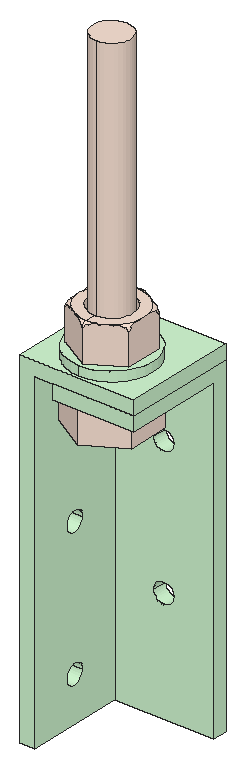
Revit family "ブレースエッジボルト", category 機械設備, Revit 2022
Family settings
  丸型コネクタ寸法 = 直径を使用
  種別 = なし
  パーツ タイプ = 標準
  作業面ベース = いいえ
  常に垂直 = はい
  ロード時にボイドで切り取り = いいえ
  注釈の向きを維持 = いいえ
  共有 = いいえ
  部屋計算ポイント = いいえ
Parameters
  製造元 = "株式会社桐井製作所"
  既定の高さ = 0 mm
  URL = "https://www.kirii.co.jp/"
  K_品名 = "ブレースエッジボルト"
  K_名称 = "斜め部材(ブレース)上部取付金具"
  K_備考 = "対象組み合わせパーツ:BKGスライドⅡ"
  K_バージョン情報 = "20250901"
Reference planes
  plane 1 "中心(正面/背面)": y = 0
  plane 2: z = 0
  plane 3 "中心(左/右)": x = 0
Forms (mm)
  Extrusion 1, void
    sketch origin (0, -5.5, 0) x (1, 0, 0) y (0, 1, 0)
      loop
        circle (0, -10) r 5
    from 69.774 to 73
  Extrusion 2, solid
    sketch origin (-12.5, -210.801, -44.148) x (0, 1, 0) y (0, 0, 1)
      loop
        line (210.801, 117.148) -> (185.801, 117.148) -> (185.801, 113.948) -> (207.601, 113.948) -> (207.601, 44.148) -> (210.801, 44.148) -> (210.801, 117.148)
    from 3.2 to 25
  Extrusion 3, solid
    sketch origin (-38.604, 0, -1.985) x (1, 0, 0) y (0, 0, 1)
      loop
        line (26.104, 1.985) -> (29.304, 1.985) -> (29.304, 74.985) -> (51.104, 74.985) -> (51.104, 78.185) -> (26.104, 78.185) -> (26.104, 1.985)
    from 0 to 25
  Extrusion 4, void
    sketch origin (0, 0, -1.985) x (1, 0, 0) y (0, 0, 1)
      loop
        line (-9.3, 74.985) -> (-9.3, 71.759) -> (-5.3, 71.759) -> (-5.3, 74.985) -> (-9.3, 74.985)
    from 3.2 to 25
  Extrusion 5, void
    sketch origin (0, 0, -1.985) x (1, 0, 0) y (0, 0, 1)
      loop
        circle (1.6, 26.754) r 2.277
      loop
        circle (1.6, 56.785) r 2.254
    from 0 to 3.2
  Extrusion 6, void
    sketch origin (0, 0, 0) x (0, 1, 0) y (0, 0, 1)
      loop
        circle (-14.1, 39.8) r 2.25
      loop
        circle (-14.1, 9.8) r 2.25
    from -12.5 to -9.3
Cuts and joins
  Extrusion 1, Extrusion 4, Extrusion 5 cuts Extrusion 2
  Extrusion 1, Extrusion 6 cuts Extrusion 3
Dimensions and locks
  aligned and locked: level to plane 2
Nested families
  nested 1: "平座金(M10用）" at (0, -15.5, 78.2) x (0, 1, 0) z (1, 0, 0), type "平座金(M10用）"
  nested 2: "ナット" at (0, -15.5, 78.2) x (0, -1, 0) z (0, 0, 1), type "ナット"
  nested 3: "M10×70ボルト" at (0, -15.5, 62.8) x (0, -1, 0) z (1, 0, 0), type "M10×70ボルト"
Definition of nested family "平座金(M10用）"
  Parameters (values of type "平座金(M10用）")
    Manufacturer = "株式会社桐井製作所"
    Default Elevation = 0 mm
    URL = "https://www.kirii.co.jp/"
    K_名称 = "平座金（M10 用)）"
  Reference planes
    plane 1 "中心(正面/背面)": y = 0
    plane 2: z = 0
    plane 3 "中心(左/右)": x = 0
  Forms (mm)
    Extrusion 1, solid
      sketch origin (0, 0, 0) x (1, 0, 0) y (0, 0, 1)
        loop
          circle (0, 0) r 9
        loop
          circle (0, 0) r 5.25
      from 0 to 2
  Dimensions and locks
    aligned and locked: level to plane 2
Definition of nested family "ナット"
  Parameters (values of type "ナット")
    Default Elevation = 1219.2 mm
  Reference planes
    plane 1 "中心(正面/背面)": y = 0
    plane 2: z = 0
    plane 3 "中心(左/右)": x = 0
  Forms (mm)
    Extrusion 1, solid
      sketch origin (0, 0, 0) x (1, 0, 0) y (0, 1, 0)
        loop
          line (-55, 45) -> (-55, -45.273) -> (55.986, -45.273) -> (55.986, 45) -> (-55, 45)
      from 0 to -304.8
    Revolve 2, solid
      sketch origin (0, 0, 2.36) x (1, 0, 0) y (0, 0, 1)
        loop
          arc (8.083, 4.64) -> (7.781, 5.356) -> (7.057, 5.64) r 1
          line (7.057, 5.64) -> (4.765, 5.64) -> (4.765, -2.36) -> (8.083, -2.36) -> (8.083, 4.64)
        axis (0, 5.64) -> (0, -2.36)
      angle from 0 to 360
    Extrusion 3, void
      sketch origin (0, 0, 0) x (1, 0, 0) y (0, 1, 0)
        loop
          line (8.083, 0) -> (4.041, 7) -> (-4.041, 7) -> (-8.083, 0) -> (-4.041, -7) -> (4.041, -7) -> (8.083, 0)
        loop
          circle (0, 0) r 8.42
      from 0 to 8.277
  Cuts and joins
    Extrusion 3 cuts Revolve 2
  Dimensions and locks
    aligned and locked: plane 2 to Extrusion 1
    aligned and locked: level to Extrusion 1
Definition of nested family "M10×70ボルト"
  Parameters (values of type "M10×70ボルト")
    Manufacturer = "株式会社桐井製作所"
    Default Elevation = 0 mm
    URL = "https://www.kirii.co.jp/"
    K_材料規格 = "M10×L60"
    K_品名 = "M10×60ボルト"
    K_名称 = "M10×60ボルト"
    K_備考 = "KIRIIアングルクランプ付属品"
  Reference planes
    plane 1 "中心(正面/背面)": y = 0
    plane 2: z = 0
    plane 3 "中心(左/右)": x = 0
    plane 4: x = 8
    plane 5: x = -8
    plane 6 "正面": y = -7
    plane 7: z = 8
    plane 8: z = -8
  Forms (mm)
    Extrusion 1, solid
      sketch origin (0, 0, 0) x (1, 0, 0) y (0, 0, 1)
        loop
          line (-4.619, 8) -> (-9.238, 0) -> (-4.619, -8) -> (4.619, -8) -> (9.238, 0) -> (4.619, 8) -> (-4.619, 8)
      from 0 to 7
    Extrusion 2, solid
      sketch origin (0, 0, 25.676) x (1, 0, 0) y (0, 0, 1)
        loop
          circle (0, -25.676) r 4.1
      from 7 to 77
  Cuts and joins
    joined: Extrusion 1, Extrusion 2
  Lines and regions (mm)
    model lines
      curve 1: circle (0, 0, 0) r 8 normal (0, -1, 0)
  Dimensions and locks
    aligned and locked: level to plane 2
